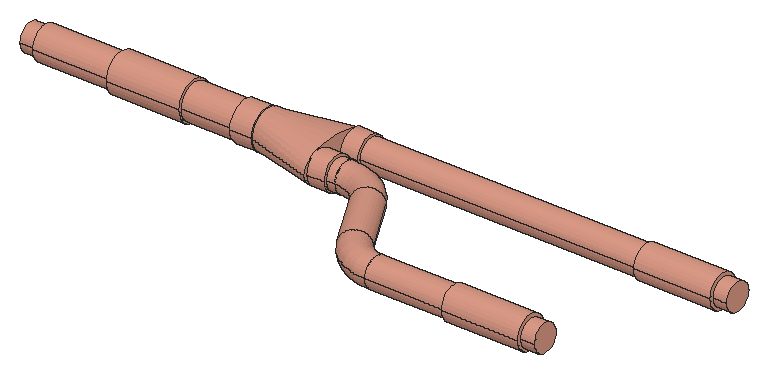
Revit family "outputfile", category 配管付属品, Revit 2024
Family settings
  丸型コネクタ寸法 = 半径を使用
  パーツ タイプ = 標準
  OmniClass 番号 = 23.65.55.00
  OmniClass タイトル = Distribution of Supplied Liquids/Gases
  作業面ベース = いいえ
  常に垂直 = はい
  ロード時にボイドで切り取り = いいえ
  共有 = いいえ
Parameters (values of type "KHRP25A22T")
  Description = ""
  製造元 = "Daikin"
  書き出し IFC クラス(タイプ) = "IfcPipeFittingType"
  定義済み IFC タイプ(タイプ) = "JUNCTION"
  Cost = 0
  Type Comments = ""
  Keynote = ""
  Type Image = (empty or 0)
  Assembly Code = ""
  mm⇔inch [instance] = yes
  l_dividePipe1 [instance] = size_lookup(table_StraightPipe, "l_dividePipe1", 10.0 mm, モデル)  # 10.0 mm
  Default Elevation = 0.0 mm
  モデル = "KHRP25A22T"
  table_StraightPipe [instance] = if(mm⇔inch, "Refnet Joint_KHRP25A-T_Gas_StraightPipe", "Refnet Joint_KHRP25A-T_Gas_StraightPipe_inch")  # "Refnet Joint_KHRP25A-T_Gas_StraightPipe"
  table_BranchPipe [instance] = if(mm⇔inch, "Refnet Joint_KHRP25A-T_Gas_BranchPipe", "Refnet Joint_KHRP25A-T_Gas_BranchPipe_inch")  # "Refnet Joint_KHRP25A-T_Gas_BranchPipe"
  table_Inlet [instance] = if(mm⇔inch, "Refnet Joint_KHRP25A-T_Gas_Inlet", "Refnet Joint_KHRP25A-T_Gas_Inlet_inch")  # "Refnet Joint_KHRP25A-T_Gas_Inlet"
  switch_StraightPipe_Reducer [instance] = if(Is_StraightPipe Reducer = 1, 1 = 1, 1 = 0)  # no
  switch_StraightPipe3 [instance] = if(number_StraightPipe = 3, 1 = 1, 1 = 0)  # no
  switch_StraightPipe2 [instance] = if(number_StraightPipe < 2, 1 = 0, 1 = 1)  # yes
  switch_BranchPipe_Reducer [instance] = if(Is_BranchPipe Reducer = 1, 1 = 1, 1 = 0)  # no
  switch_BranchPipe3 [instance] = if(number_BranchPipe = 3, 1 = 1, 1 = 0)  # no
  switch_BranchPipe2 [instance] = if(number_BranchPipe < 2, 1 = 0, 1 = 1)  # yes
  switch_Inlet pipe_Reducer [instance] = if(Is_Inlet Reducer = 1, 1 = 1, 1 = 0)  # no
  switch_Inlet pipe3 [instance] = if(number_InletPipe = 3, 1 = 1, 1 = 0)  # yes
  switch_Inlet pipe2 [instance] = if(number_InletPipe < 2, 1 = 0, 1 = 1)  # yes
  Uniclass2015Version = "Products v1.31"
  Uniclass2015Title = "Copper pipe fittings"
  Uniclass2015Code = "Pr_65_52_63_18"
  URL = ""
  StraightPipe_Gas_ActualDiameter [instance] = 12.7 mm
  Material_Piping = DAIKIN_Copper_Pipe
  Material_Insulation = DAIKIN_White_Insulation
  lw_Insulation [instance] = size_lookup(table_Inlet, "lw_Insulation", 57.8 mm, モデル)  # 57.8 mm
  Unit Type = "KHRP25A-T_Gas"
  Tag No. [instance] = ""
  StraightPipe_Gas_Status [instance] = size_lookup(table_StraightPipe, "Information", "The connected pipe size is not available.", モデル, StraightPipe_Gas_ActualDiameter)  # "Default connector size is used."
  Link_Nested Family [instance] = ""
  Inlet_Gas_Actual Diameter [instance] = 12.7 mm
  IfcVersion = ""
  IfcExportType = "JUNCTION"
  IfcExportAs = "IfcPipeFittingType"
  BranchPipe_Gas_Status [instance] = size_lookup(table_BranchPipe, "Information", "The connected pipe size is not available.", モデル, BranchPipe_Gas_ActualDiameter)  # "Default connector size is used."
  Inlet_Gas_Status [instance] = size_lookup(table_Inlet, "Information", "The connected pipe size is not available.", モデル, Inlet_Gas_Actual Diameter)  # "Default connector size is used."
  Series = "Refnet Joint"
  O.R_dividePipe_Inlet [instance] = (I.D_InletPipe1 + 2.0 mm) / 2  # 10.55 mm
  r_StraightPipe_Connector [instance] = StraightPipe_Gas_ActualDiameter / 2  # 6.35 mm
  r_BranchPipe_Connector [instance] = BranchPipe_Gas_ActualDiameter / 2  # 6.35 mm
  r_Inlet_Connector [instance] = Inlet_Gas_Actual Diameter / 2  # 6.35 mm
  number_StraightPipe [instance] = size_lookup(table_StraightPipe, "pipeNumber", 2, モデル, StraightPipe_Gas_ActualDiameter)  # 2
  number_BranchPipe [instance] = size_lookup(table_BranchPipe, "pipeNumber", 2, モデル, BranchPipe_Gas_ActualDiameter)  # 2
  number_InletPipe [instance] = size_lookup(table_Inlet, "pipeNumber", 3, モデル, Inlet_Gas_Actual Diameter)  # 3
  r_BranchPipeR [instance] = size_lookup(table_BranchPipe, "r_offsetPipeR", 25.0 mm, モデル, BranchPipe_Gas_ActualDiameter)  # 25.0 mm
  l_BranchPipe_Straight2 [instance] = size_lookup(table_BranchPipe, "L_offsetPipe2", 43.0 mm, モデル)  # 43.0 mm
  l_BranchPipe_Straight1 [instance] = size_lookup(table_BranchPipe, "L_offsetPipe1", 5.0 mm, モデル)  # 5.0 mm
  l_BranchPipe connector [instance] = size_lookup(table_BranchPipe, "Length", 170.0 mm, モデル, BranchPipe_Gas_ActualDiameter)  # 170.0 mm
  l_inlet connector [instance] = size_lookup(table_Inlet, "Length", 130.0 mm, モデル, Inlet_Gas_Actual Diameter)  # 130.0 mm
  l_dividePipe [instance] = size_lookup(table_Inlet, "L_devidePipe", 38.0 mm, モデル)  # 38.0 mm
  l_StraightPipeReducer [instance] = size_lookup(table_StraightPipe, "L_Reducer", 80.0 mm, モデル, StraightPipe_Gas_ActualDiameter)  # 80.0 mm
  l_StraightPipe3 [instance] = size_lookup(table_StraightPipe, "L_Pipe3", 2.0 mm, モデル)  # 2.0 mm
  l_StraightPipe2 [instance] = size_lookup(table_StraightPipe, "L_Pipe2", 8.0 mm, モデル)  # 8.0 mm
  l_StraightPipe1 [instance] = size_lookup(table_StraightPipe, "L_Pipe1", 42.0 mm, モデル)  # 42.0 mm
  l_StraightPipe0 [instance] = size_lookup(table_StraightPipe, "L_Pipe0", 152.0 mm, モデル)  # 152.0 mm
  l_StraightPipe connector [instance] = size_lookup(table_StraightPipe, "Length", 212.0 mm, モデル, StraightPipe_Gas_ActualDiameter)  # 212.0 mm
  l_BranchPipe Reducer [instance] = size_lookup(table_BranchPipe, "L_Reducer", 80.0 mm, モデル, BranchPipe_Gas_ActualDiameter)  # 80.0 mm
  l_BranchPipe3 [instance] = size_lookup(table_BranchPipe, "L_Pipe3", 2.0 mm, モデル)  # 2.0 mm
  l_BranchPipe2 [instance] = size_lookup(table_BranchPipe, "L_Pipe2", 8.0 mm, モデル)  # 8.0 mm
  l_BranchPipe1 [instance] = size_lookup(table_BranchPipe, "L_Pipe1", 42.0 mm, モデル)  # 42.0 mm
  l_BranchPipe0 [instance] = size_lookup(table_BranchPipe, "L_Pipe0", 110.0 mm, モデル)  # 110.0 mm
  l_InletReducer [instance] = size_lookup(table_Inlet, "L_Reducer", 100.0 mm, モデル, Inlet_Gas_Actual Diameter)  # 100.0 mm
  l_InletPipe3 [instance] = size_lookup(table_Inlet, "L_Pipe3", 8.0 mm, モデル)  # 8.0 mm
  l_InletPipe2 [instance] = size_lookup(table_Inlet, "L_Pipe2", 42.0 mm, モデル)  # 42.0 mm
  l_InletPipe1 [instance] = size_lookup(table_Inlet, "L_Pipe1", 40.0 mm, モデル)  # 40.0 mm
  l_InletPipe0 [instance] = size_lookup(table_Inlet, "L_Pipe0", 28.0 mm, モデル)  # 28.0 mm
  center_StraightPipe [instance] = size_lookup(table_StraightPipe, "center_Pipe", 11.5 mm, モデル)  # 11.5 mm
  center_BranchPipe2 [instance] = size_lookup(table_BranchPipe, "center_OffsetPipe", 68.5 mm, モデル)  # 68.5 mm
  center_BranchPipe1 [instance] = size_lookup(table_BranchPipe, "center_Pipe", 11.5 mm, モデル)  # 11.5 mm
  StraightPipe_Gas_AvailableDiameter [instance] = size_lookup(table_StraightPipe, "sizeVariation", "", モデル)  # "12.7/15.9/19.1mm"
  BranchPipe_Gas_AvailableDiameter [instance] = size_lookup(table_BranchPipe, "sizeVariation", "", モデル)  # "12.7/15.9mm"
  Inlet_Gas_Available Diameter [instance] = size_lookup(table_Inlet, "sizeVariation", "", モデル)  # "12.7/15.9/19.1mm"
  O.D_StraightPipe Reducer [instance] = size_lookup(table_StraightPipe, "O.D_reducer", 2.0 mm, モデル, StraightPipe_Gas_ActualDiameter)  # 2.0 mm
  O.D_Offset Outlet Reducer [instance] = size_lookup(table_BranchPipe, "O.D_reducer", 2.0 mm, モデル, BranchPipe_Gas_ActualDiameter)  # 2.0 mm
  O.D_Inlet Reducer [instance] = size_lookup(table_Inlet, "O.D_reducer", 2.0 mm, モデル, Inlet_Gas_Actual Diameter)  # 2.0 mm
  Is_StraightPipe Reducer [instance] = size_lookup(table_StraightPipe, "IsReducer", 0, モデル, StraightPipe_Gas_ActualDiameter)  # 0
  Is_BranchPipe Reducer [instance] = size_lookup(table_BranchPipe, "IsReducer", 0, モデル, BranchPipe_Gas_ActualDiameter)  # 0
  Is_Inlet Reducer [instance] = size_lookup(table_Inlet, "IsReducer", 0, モデル, Inlet_Gas_Actual Diameter)  # 0
  BranchPipe_Gas_ActualDiameter [instance] = 12.7 mm
  Attach_Insulation [instance] = no
  I.D_StraightPipe3 [instance] = size_lookup(table_StraightPipe, "I.D_PipeSize3", 2.0 mm, モデル)  # 2.0 mm
  I.D_StraightPipe2 [instance] = size_lookup(table_StraightPipe, "I.D_PipeSize2", 12.7 mm, モデル)  # 12.7 mm
  I.D_StraightPipe1 [instance] = size_lookup(table_StraightPipe, "I.D_PipeSize1", 15.9 mm, モデル)  # 15.9 mm
  I.D_StraightPipe0 [instance] = size_lookup(table_StraightPipe, "I.D_PipeSize0", 13.9 mm, モデル)  # 13.9 mm
  I.D_BranchPipe3 [instance] = size_lookup(table_BranchPipe, "I.D_PipeSize3", 2.0 mm, モデル)  # 2.0 mm
  I.D_BranchPipe2 [instance] = size_lookup(table_BranchPipe, "I.D_PipeSize2", 12.7 mm, モデル)  # 12.7 mm
  I.D_BranchPipe1 [instance] = size_lookup(table_BranchPipe, "I.D_PipeSize1", 15.9 mm, モデル)  # 15.9 mm
  I.D_BranchPipe0 [instance] = size_lookup(table_BranchPipe, "I.D_PipeSize0", 13.9 mm, モデル)  # 13.9 mm
  I.D_Straight Reducer [instance] = size_lookup(table_StraightPipe, "I.D_reducer", 2.0 mm, モデル, StraightPipe_Gas_ActualDiameter)  # 2.0 mm
  I.D_OutletPipe [instance] = size_lookup(table_Inlet, "I.D_OutletPipeSize", 16.0 mm, モデル, Inlet_Gas_Actual Diameter)  # 16.0 mm
  I.D_Branch Reducer [instance] = size_lookup(table_BranchPipe, "I.D_reducer", 2.0 mm, モデル, BranchPipe_Gas_ActualDiameter)  # 2.0 mm
  I.D_Inlet Reducer [instance] = size_lookup(table_Inlet, "I.D_reducer", 2.0 mm, モデル, Inlet_Gas_Actual Diameter)  # 2.0 mm
  I.D_InletPipe3 [instance] = size_lookup(table_Inlet, "I.D_PipeSize3", 12.7 mm, モデル)  # 12.7 mm
  I.D_InletPipe2 [instance] = size_lookup(table_Inlet, "I.D_PipeSize2", 15.9 mm, モデル)  # 15.9 mm
  I.D_InletPipe1 [instance] = size_lookup(table_Inlet, "I.D_PipeSize1", 19.1 mm, モデル)  # 19.1 mm
  I.D_InletPipe0 [instance] = size_lookup(table_Inlet, "I.D_PipeSize0", 17.1 mm, モデル)  # 17.1 mm
Reference planes
  plane 1 "Center (Front/Back)": y = 0
  plane 2: z = 0
  plane 3 "base_left": x = 0
  plane 4: x = 8
  plane 5: x = 50
  plane 6: x = 90
  plane 7: x = 118
  plane 8: x = 130
  plane 9: x = 168
  plane 10: x = 178
  plane 11 "center_straight outlet": y = 11.5
  plane 12 "center2_offset outlet": y = -68.5
  plane 13 "center1_offset outlet": y = -11.5
  plane 14: x = 330
  plane 15: x = 372
  plane 16: x = 380
  plane 17: x = 288
  plane 18: x = 330
  plane 19: x = 338
  plane 20: x = 382
  plane 21: x = 340
  plane 22 "Reducer_straightoutlet": x = 338
  plane 23: x = 380
  plane 24: y = -22.05
  plane 25: z = 10.55
  plane 26 "Inlet_connector": x = 0
  plane 27 "Left_Insulation": x = 72.2
Forms (mm)
  SweptBlend 1, solid, material "DAIKIN_Copper_Pipe" <- "Material_Piping"
    path origin (0, 0, 0) x (1, 0, 0) y (0, 1, 0)
      loop
        line (130, 0) -> (168, 0)
    profile origin (130, 0, 0) x (0, 1, 0) y (0, 0, 1)
      loop
        circle (0, 0) r 10.55
    end profile origin (168, 0, 0) x (0, 1, 0) y (0, 0, 1)
      loop
        spline (-22.05, 0) -> (-21.299, -2.731) -> (-19.096, -5.275) -> (-15.592, -7.46) -> (-11.025, -9.137) -> (-5.707, -10.191) -> (0, -10.55) -> (5.707, -10.191) -> (11.025, -9.137) -> (15.592, -7.46) -> (19.096, -5.275) -> (21.299, -2.731) -> (22.05, 0)
        spline (22.05, 0) -> (21.299, 2.731) -> (19.096, 5.275) -> (15.592, 7.46) -> (11.025, 9.137) -> (5.707, 10.191) -> (0, 10.55) -> (-5.707, 10.191) -> (-11.025, 9.137) -> (-15.592, 7.46) -> (-19.096, 5.275) -> (-21.299, 2.731) -> (-22.05, 0)
Dimensions and locks
  "l_InletPipe3": plane 3 "base_left" to plane 4
  "l_InletPipe2": plane 4 to plane 5
  "l_InletPipe1": plane 5 to plane 6
  "l_InletPipe0": plane 6 to plane 7
  locked: plane 7 to plane 8 at 12
  "center_StraightPipe": plane 1 "Center (Front/Back)" to plane 11 "center_straight outlet"
  "center_BranchPipe2": plane 12 "center2_offset outlet" to plane 1 "Center (Front/Back)"
  "center_BranchPipe1": plane 13 "center1_offset outlet" to plane 1 "Center (Front/Back)"
  "l_dividePipe": plane 8 to plane 9
  "l_dividePipe1": plane 9 to plane 10
  "l_StraightPipe0": plane 10 to plane 14
  "l_BranchPipe0": plane 10 to plane 17
  "l_BranchPipe1": plane 17 to plane 18
  "l_BranchPipe2": plane 18 to plane 19
  "l_StraightPipe1": plane 14 to plane 15
  "l_StraightPipe2": plane 15 to plane 16
  "l_StraightPipe3": plane 16 to plane 20
  "l_BranchPipe3": plane 19 to plane 21
  "l_BranchPipe connector": plane 9 to plane 22 "Reducer_straightoutlet"
  "l_StraightPipe connector": plane 9 to plane 23
  "O.R_dividePipe_Inlet": plane 24 to plane 13 "center1_offset outlet"
  "O.R_dividePipe_Inlet": plane 25 to plane 2
  "l_inlet connector": plane 26 "Inlet_connector" to plane 8
  "lw_Insulation": plane 27 "Left_Insulation" to plane 8
  "O.R_dividePipe_Inlet": radius of SweptBlend 1 sketch curve
  aligned and locked: level to plane 2
  aligned and locked: plane 2 to nested 1
  aligned and locked: plane 3 "base_left" to nested 1
  aligned and locked: plane 1 "Center (Front/Back)" to nested 1
  aligned and locked: plane 4 to nested 2
  aligned and locked: plane 1 "Center (Front/Back)" to nested 2
  aligned and locked: plane 5 to nested 2
  aligned and locked: plane 5 to nested 3
  aligned and locked: plane 6 to nested 3
  aligned and locked: plane 6 to nested 4
  aligned and locked: nested 4 to plane 7
  aligned and locked: nested 5 to plane 7
  aligned and locked: nested 5 to plane 8
  aligned and locked: plane 8 to SweptBlend 1 sketch curve
  aligned and locked: plane 9 to SweptBlend 1 sketch curve
  aligned and locked: plane 2 to SweptBlend 1 sketch curve  (x2)
  aligned and locked: plane 1 "Center (Front/Back)" to SweptBlend 1 sketch curve  (x2)
  aligned and locked: nested 6 to plane 9
  aligned and locked: nested 7 to plane 9
  aligned and locked: nested 6 to plane 11 "center_straight outlet"
  aligned and locked: nested 7 to plane 13 "center1_offset outlet"
  aligned and locked: nested 7 to plane 10
  aligned and locked: nested 6 to plane 10
  aligned and locked: nested 8 to plane 10
  aligned and locked: plane 14 to nested 8
  aligned and locked: nested 8 to plane 11 "center_straight outlet"
  aligned and locked: plane 14 to nested 9
  aligned and locked: nested 9 to plane 11 "center_straight outlet"
  aligned and locked: plane 15 to nested 9
  aligned and locked: nested 10 to plane 11 "center_straight outlet"
  aligned and locked: plane 15 to nested 10
  aligned and locked: plane 16 to nested 10
  aligned and locked: nested 11 to plane 12 "center2_offset outlet"
  aligned and locked: plane 17 to nested 11
  aligned and locked: plane 18 to nested 11
  aligned and locked: nested 12 to plane 12 "center2_offset outlet"
  aligned and locked: plane 18 to nested 12
  aligned and locked: plane 19 to nested 12
  aligned and locked: nested 13 to plane 10
  aligned and locked: nested 13 to plane 13 "center1_offset outlet"
  aligned and locked: nested 13 to plane 12 "center2_offset outlet"
  aligned and locked: plane 8 to nested 14
  aligned and locked: plane 1 "Center (Front/Back)" to nested 14
  aligned and locked: plane 11 "center_straight outlet" to nested 15
  aligned and locked: nested 15 to plane 9
  aligned and locked: nested 16 to plane 9
  aligned and locked: plane 12 "center2_offset outlet" to nested 16
  aligned and locked: nested 17 to plane 1 "Center (Front/Back)"
  aligned and locked: plane 16 to nested 18
  aligned and locked: plane 20 to nested 18
  aligned and locked: plane 19 to nested 19
  aligned and locked: plane 21 to nested 19
  aligned and locked: nested 20 to plane 12 "center2_offset outlet"
  aligned and locked: plane 23 to nested 21
  aligned and locked: nested 21 to plane 11 "center_straight outlet"
  aligned and locked: plane 4 to nested 1
  aligned and locked: plane 24 to SweptBlend 1 sketch curve
  aligned and locked: plane 25 to SweptBlend 1 sketch curve
  aligned and locked: nested 19 to plane 12 "center2_offset outlet"
  aligned and locked: nested 18 to plane 11 "center_straight outlet"
  aligned and locked: nested 17 to plane 26 "Inlet_connector"
  aligned and locked: plane 22 "Reducer_straightoutlet" to nested 20
  aligned and locked: plane 27 "Left_Insulation" to nested 22
  aligned and locked: plane 1 "Center (Front/Back)" to nested 22
Automatic sketch dimensions
  plane 1 "Center (Front/Back)" to SweptBlend 1 sketch curve = 0.0 mm
Nested families
  nested 1: "daikin_Pipe" at (4, 0, 0), I.D_Pipe <- "I.D_InletPipe3", display <- "switch_Inlet pipe3", type "*"
    with length_Pipe 8.0 mm, display yes, O.D_Pipe 14.7 mm, I.D_Pipe 12.7 mm
  nested 2: "daikin_Pipe" at (29, 0, 0), I.D_Pipe <- "I.D_InletPipe2", display <- "switch_Inlet pipe2", type "*"
    with length_Pipe 42.0 mm, display yes, O.D_Pipe 17.9 mm, I.D_Pipe 15.9 mm
  nested 3: "daikin_Pipe" at (70, 0, 0), I.D_Pipe <- "I.D_InletPipe1", type "*"
    with length_Pipe 40.0 mm, display yes, O.D_Pipe 21.1 mm, I.D_Pipe 19.1 mm
  nested 4: "daikin_Pipe" at (104, 0, 0), I.D_Pipe <- "I.D_InletPipe0", type "*"
    with length_Pipe 28.0 mm, display yes, O.D_Pipe 19.1 mm, I.D_Pipe 17.1 mm
  nested 5: "daikin_Pipe" at (124, 0, 0), I.D_Pipe <- "I.D_InletPipe1", type "*"
    with length_Pipe 12.0 mm, display yes, O.D_Pipe 21.1 mm, I.D_Pipe 19.1 mm
  nested 6: "daikin_Pipe" at (173, 11.5, 0), I.D_Pipe <- "I.D_OutletPipe", type "*"
    with length_Pipe 10.0 mm, display yes, O.D_Pipe 18.0 mm, I.D_Pipe 16.0 mm
  nested 7: "daikin_Pipe" at (173, -11.5, 0), I.D_Pipe <- "I.D_OutletPipe", type "*"
    with length_Pipe 10.0 mm, display yes, O.D_Pipe 18.0 mm, I.D_Pipe 16.0 mm
  nested 8: "daikin_Pipe" at (254, 11.5, 0), I.D_Pipe <- "I.D_StraightPipe0", type "*"
    with length_Pipe 152.0 mm, display yes, O.D_Pipe 15.9 mm, I.D_Pipe 13.9 mm
  nested 9: "daikin_Pipe" at (351, 11.5, 0), I.D_Pipe <- "I.D_StraightPipe1", type "*"
    with length_Pipe 42.0 mm, display yes, O.D_Pipe 17.9 mm, I.D_Pipe 15.9 mm
  nested 10: "daikin_Pipe" at (376, 11.5, 0), I.D_Pipe <- "I.D_StraightPipe2", display <- "switch_StraightPipe2", type "*"
    with length_Pipe 8.0 mm, display yes, O.D_Pipe 14.7 mm, I.D_Pipe 12.7 mm
  nested 11: "daikin_Pipe" at (309, -68.5, 0), I.D_Pipe <- "I.D_BranchPipe1", type "*"
    with length_Pipe 42.0 mm, display yes, O.D_Pipe 17.9 mm, I.D_Pipe 15.9 mm
  nested 12: "daikin_Pipe" at (334, -68.5, 0), I.D_Pipe <- "I.D_BranchPipe2", display <- "switch_BranchPipe2", type "*"
    with length_Pipe 8.0 mm, display yes, O.D_Pipe 14.7 mm, I.D_Pipe 12.7 mm
  nested 13: "daikin_Pipe Ofsset" at (178, -11.5, 0), I.D_Pipe size <- "I.D_BranchPipe0", length_straight pipe1 <- "l_BranchPipe_Straight1", length_straight pipe2 <- "l_BranchPipe_Straight2", r_Pipe R <- "r_BranchPipeR", length_Pipe <- "l_BranchPipe0", type "*"
    with r_Pipe R 25.0 mm, length_straight pipe2 43.0 mm, length_straight pipe1 5.0 mm, length_offset center 57.0 mm, length_Pipe 110.0 mm, O.D_Pipe size 15.9 mm, I.D_Pipe size 13.9 mm
  nested 14: "daikin_connector_rotate2" at (130, 0, 0) x (0, -1, 0) z (0, 0, 1), length <- "l_inlet connector", type "daikin_connector_rotate2"
    with radius 5.0 mm, length 130.0 mm, angle_vertical 90.00°, locaton_mark no
  nested 15: "daikin_connector_rotate2" at (168, 11.5, 0) x (0, 1, 0) z (0, 0, 1), length <- "l_StraightPipe connector", type "daikin_connector_rotate2"
    with radius 5.0 mm, length 212.0 mm, angle_vertical 90.00°, locaton_mark no
  nested 16: "daikin_connector_rotate2" at (168, -68.5, 0) x (0, 1, 0) z (0, 0, 1), length <- "l_BranchPipe connector", type "daikin_connector_rotate2"
    with radius 5.0 mm, length 170.0 mm, angle_vertical 90.00°, locaton_mark no
  nested 17: "daikin_Pipe_reducer" at (50, 0, 0) x (-1, 0, 0) z (0, 0, 1), display <- "switch_Inlet pipe_Reducer", length_Pipe <- "l_InletReducer", I.D_Pipe1 <- "I.D_Inlet Reducer", O.D_Pipe2 <- "O.D_Inlet Reducer", type "*"
    with length_Pipe 100.0 mm, display no, O.D_Pipe2 2.0 mm, O.D_Pipe1 4.0 mm, I.D_Pipe2 0.0 mm, I.D_Pipe1 2.0 mm
  nested 18: "daikin_Pipe" at (381, 11.5, 0), I.D_Pipe <- "I.D_StraightPipe3", display <- "switch_StraightPipe3", type "*"
    with length_Pipe 2.0 mm, display no, O.D_Pipe 4.0 mm, I.D_Pipe 2.0 mm
  nested 19: "daikin_Pipe" at (339, -68.5, 0), I.D_Pipe <- "I.D_BranchPipe3", display <- "switch_BranchPipe3", type "*"
    with length_Pipe 2.0 mm, display no, O.D_Pipe 4.0 mm, I.D_Pipe 2.0 mm
  nested 20: "daikin_Pipe_reducer" at (298, -68.5, 0), I.D_Pipe1 <- "I.D_Branch Reducer", O.D_Pipe2 <- "O.D_Offset Outlet Reducer", length_Pipe <- "l_BranchPipe Reducer", display <- "switch_BranchPipe_Reducer", type "*"
    with length_Pipe 80.0 mm, display no, O.D_Pipe2 2.0 mm, O.D_Pipe1 4.0 mm, I.D_Pipe2 0.0 mm, I.D_Pipe1 2.0 mm
  nested 21: "daikin_Pipe_reducer" at (340, 11.5, 0), I.D_Pipe1 <- "I.D_Straight Reducer", O.D_Pipe2 <- "O.D_StraightPipe Reducer", length_Pipe <- "l_StraightPipeReducer", display <- "switch_StraightPipe_Reducer", type "*"
    with length_Pipe 80.0 mm, display no, O.D_Pipe2 2.0 mm, O.D_Pipe1 4.0 mm, I.D_Pipe2 0.0 mm, I.D_Pipe1 2.0 mm
  nested 22: "daikin_Insulation_RefnetJoint" at (72.2, 0, 0), I.D_Outlet PipeSize <- "I.D_OutletPipe", type "*"
    with h 48.0 mm, I.D_Outlet PipeSize 16.0 mm, display no
Connectors
  piping at (0, 0, 0), diameter 12.7, driven by "r_Inlet_Connector"
    settings: on nested 14, index 1, connector inside diameter 609.6 mm, connector length 0.0 mm, flow factor 0, pipe flow 0.00 m³/h, pressure drop 0.0 Pa, fitting loss kfactor 0, connector angle 0.00°, fixture units 0, engagement length 0.0 mm, angle of deflection 0.00°, flow configuration 0, flow direction 2, fitting loss method 0, system type 29, joint type 0, gender type 0, connector reference index -1, connector utility 0, adjustable connector no, is connector primary yes, connector description "Refnet Joint_Inlet_Gas"
  piping at (338, -68.5, 0), diameter 12.7, driven by "r_BranchPipe_Connector"
    settings: on nested 16, index 2, connector inside diameter 609.6 mm, connector length 0.0 mm, flow factor 0, pipe flow 0.00 m³/h, pressure drop 0.0 Pa, fitting loss kfactor 0, connector angle 0.00°, fixture units 0, engagement length 0.0 mm, angle of deflection 0.00°, flow configuration 0, flow direction 1, fitting loss method 0, system type 29, joint type 0, gender type 0, connector reference index -1, connector utility 0, adjustable connector no, is connector primary no, connector description "Refnet Joint_Outlet Branch_Gas"
  piping at (380, 11.5, 0), diameter 12.7, driven by "r_StraightPipe_Connector"
    settings: on nested 15, index 3, connector inside diameter 609.6 mm, connector length 0.0 mm, flow factor 0, pipe flow 0.00 m³/h, pressure drop 0.0 Pa, fitting loss kfactor 0, connector angle 0.00°, fixture units 0, engagement length 0.0 mm, angle of deflection 0.00°, flow configuration 0, flow direction 1, fitting loss method 0, system type 29, joint type 0, gender type 0, connector reference index -1, connector utility 0, adjustable connector no, is connector primary no, connector description "Refnet Joint_Outlet Straight_Gas"
Definition of nested family "daikin_Pipe"
  Parameters (values of type "*")
    Default Elevation = 0.0 mm
    material = none
    length_Pipe [instance] = 150.0 mm
    display [instance] = yes
    O.D_Pipe [instance] = I.D_Pipe + 2.0 mm  # 27.0 mm
    I.D_Pipe [instance] = 25.0 mm
  Reference planes
    plane 1 "Center (Front/Back)": y = 0
    plane 2 "center(vertical)": z = 0
    plane 3 "Center (Left/Right)": x = 0
    plane 4 "left": x = -75
    plane 5 "right": x = 75
  Forms (mm)
    Extrusion 1, solid, material <- "material", visible <- "display"
      sketch origin (0, 0, 0) x (0, 1, 0) y (0, 0, 1)
        loop
          circle (0, 0) r 13.5
      from -75 to 75
  Dimensions and locks
    equal spacing: plane 4 "left", plane 3 "Center (Left/Right)", plane 5 "right"
    "length_Pipe": plane 4 "left" to plane 5 "right"
    "O.D_Pipe": diameter of Extrusion 1 sketch curve
    aligned and locked: level to plane 2 "center(vertical)"
    aligned and locked: plane 2 "center(vertical)" to Extrusion 1 sketch curve
    aligned and locked: plane 1 "Center (Front/Back)" to Extrusion 1 sketch curve
    aligned and locked: plane 5 "right" to Extrusion 1
    aligned and locked: Extrusion 1 to plane 4 "left"
Definition of nested family "daikin_Pipe Ofsset"
  Parameters (values of type "*")
    Default Elevation = 0.0 mm
    r_Pipe R [instance] = 40.0 mm
    material = none
    length_straight pipe2 [instance] = 43.0 mm
    length_straight pipe1 [instance] = 5.0 mm
    length_offset center [instance] = 57.0 mm
    length_Pipe [instance] = 110.0 mm
    O.D_Pipe size [instance] = I.D_Pipe size + 2.0 mm  # 12.0 mm
    I.D_Pipe size [instance] = 10.0 mm
  Reference planes
    plane 1 "Center (Front/Back)": y = 0
    plane 2: z = 0
    plane 3 "Center (Left/Right)": x = 0
    plane 4: y = -57
    plane 5: x = 110
    plane 6: x = 67
    plane 7: x = 5
  Forms (mm)
    Sweep 1, solid, material <- "material"
      path origin (0, 0, 0) x (1, 0, 0) y (0, 1, 0)
        loop
          line (0, 0) -> (5, 0)
          arc (5, 0) -> (20.74, -3.227) -> (33.94, -12.387) r 40
          line (33.94, -12.387) -> (38.06, -44.613)
          arc (38.06, -44.613) -> (51.26, -53.773) -> (67, -57) r 40
          line (67, -57) -> (110, -57)
      profile origin (2.5, 0, 0) x (0, 1, 0) y (0, 0, 1)
        loop
          circle (0, 0) r 6
  Dimensions and locks
    "length_offset center": plane 4 to plane 1 "Center (Front/Back)"
    "length_straight pipe1": plane 3 "Center (Left/Right)" to plane 7
    "length_Pipe": plane 3 "Center (Left/Right)" to plane 5
    "length_straight pipe2": plane 6 to plane 5
    "O.D_Pipe size": diameter of Sweep 1 sketch curve
    "r_Pipe R": radius of Sweep 1 sketch curve  (x2)
    aligned and locked: level to plane 2
    aligned and locked: plane 1 "Center (Front/Back)" to Sweep 1 sketch curve
    aligned and locked: profile plane to Sweep 1 sketch curve
    aligned and locked: plane 5 to Sweep 1 sketch curve
    aligned and locked: plane 7 to Sweep 1 sketch curve
    aligned and locked: plane 6 to Sweep 1 sketch curve
  Automatic sketch dimensions
    plane 1 "Center (Front/Back)" to Sweep 1 sketch curve = 0.0 mm
    Sweep 1 sketch curve to plane 3 "Center (Left/Right)" = 0.0 mm
    plane 4 to Sweep 1 sketch curve = 0.0 mm
    plane 1 "Center (Front/Back)" to Sweep 1 sketch curve = 12.387 mm
    Sweep 1 sketch curve to plane 4 = 12.387 mm
Definition of nested family "daikin_connector_rotate2"
  Parameters (values of type "daikin_connector_rotate2")
    show_face = no
    radius [instance] = 10.0 mm
    locaton_mark = yes
    length [instance] = 600.0 mm
    d_surface = 10.0 mm
    angle_vertical [instance] = 90.00°
    Default Elevation = 0.0 mm
  Reference planes
    plane 1 "Center (Front/Back)": y = 0
    plane 2: z = 0
    plane 3 "Center (Left/Right)": x = 0
  Forms (mm)
    Extrusion 1, solid, visible <- "show_face"
      sketch origin (0, -600, 0) x (1, 0, 0) y (0, 0, 1)
        loop
          circle (0, 0) r 10
      from 0 to -10
  Lines and regions (mm)
    reference lines
      curve 1: line (0, 0, 0) -> (0, -600, 0)
    symbolic lines, visible <- "locaton_mark"
      curve 2: circle (0, 0, 0) r 5 normal (0, 0, 1)
    model lines, visible <- "show_face"
      curve 3: line (0, 0, 0) -> (0, -600, 0)
  Dimensions and locks
    "length": curve 1 to curve 1
    "length": curve 3 to curve 3
    "d_surface": Extrusion 1 to Extrusion 1
    "radius": radius of Extrusion 1 sketch curve
    "angle_vertical": angle curve 1 to plane 1 "Center (Front/Back)"
    "angle_vertical": angle curve 3 to plane 1 "Center (Front/Back)"
    aligned and locked: level to plane 2
    aligned and locked: plane 1 "Center (Front/Back)" to curve 1
    aligned and locked: plane 2 to curve 1
    aligned and locked: plane 1 "Center (Front/Back)" to curve 2
    aligned and locked: plane 3 "Center (Left/Right)" to curve 2
    aligned and locked: plane 1 "Center (Front/Back)" to curve 3
    aligned and locked: plane 2 to curve 3
    aligned and locked: Extrusion 1 to Extrusion 1
  Automatic sketch dimensions
    Extrusion 1 sketch curve to level = 0.0 mm
    Extrusion 1 sketch curve to plane 3 "Center (Left/Right)" = 0.0 mm
    radius of curve 2 = 5.0 mm
Definition of nested family "daikin_Pipe_reducer"
  Parameters (values of type "*")
    Default Elevation = 0.0 mm
    material = none
    length_Pipe [instance] = 250.0 mm
    display [instance] = yes
    O.D_Pipe2 [instance] = 19.1 mm
    O.D_Pipe1 [instance] = I.D_Pipe1 + 2.0 mm  # 24.2 mm
    I.D_Pipe2 [instance] = O.D_Pipe2 - 2.0 mm  # 17.1 mm
    I.D_Pipe1 [instance] = 22.2 mm
  Reference planes
    plane 1 "Center (Front/Back)": y = 0
    plane 2 "center(vertical)": z = 0
    plane 3 "Center (Left/Right)": x = 0
    plane 4 "connection": x = -125
    plane 5 "right": x = 113
    plane 6: x = 125
  Forms (mm)
    Extrusion 1, solid, material <- "material", visible <- "display"
      sketch origin (0, 0, 0) x (0, 1, 0) y (0, 0, 1)
        loop
          circle (0, 0) r 9.55
      from -125 to 113
    Extrusion 2, solid, material <- "material", visible <- "display"
      sketch origin (0, 0, 0) x (0, 1, 0) y (0, 0, 1)
        loop
          circle (0, 0) r 12.1
      from 113 to 125
  Dimensions and locks
    locked: plane 5 "right" to plane 6 at 12
    "length_Pipe": plane 4 "connection" to plane 6
    equal spacing: plane 4 "connection", plane 3 "Center (Left/Right)", plane 6
    "O.D_Pipe2": diameter of Extrusion 1 sketch curve
    "O.D_Pipe1": diameter of Extrusion 2 sketch curve
    aligned and locked: level to plane 2 "center(vertical)"
    aligned and locked: plane 2 "center(vertical)" to Extrusion 1 sketch curve
    aligned and locked: plane 1 "Center (Front/Back)" to Extrusion 1 sketch curve
    aligned and locked: plane 5 "right" to Extrusion 1
    aligned and locked: Extrusion 1 to plane 4 "connection"
    aligned and locked: plane 2 "center(vertical)" to Extrusion 2 sketch curve
    aligned and locked: plane 1 "Center (Front/Back)" to Extrusion 2 sketch curve
    aligned and locked: Extrusion 2 to plane 5 "right"
    aligned and locked: plane 6 to Extrusion 2
Definition of nested family "daikin_Insulation_RefnetJoint"
  Parameters (values of type "*")
    r_Insulation = size_lookup(table_Insulation, "r_Insulation", 13.5 mm, Model)  # 13.5 mm
    h_Insulation = size_lookup(table_Insulation, "h_Insulation", 202.5 mm, Model)  # 202.5 mm
    d_Insulation3_3 = size_lookup(table_Insulation, "d_Insulation3_3", 68.0 mm, Model)  # 68.0 mm
    d_Insulation2_2 = size_lookup(table_Insulation, "d_Insulation2_2", 38.0 mm, Model)  # 38.0 mm
    d_Insulation1_1 = size_lookup(table_Insulation, "d_Insulation1_1", 26.5 mm, Model)  # 26.5 mm
    Default Elevation = 0.0 mm
    Model = "KHRP25A22T"
    w_Insulation5 = size_lookup(table_Insulation, "w_Insulation5", 212.0 mm, Model)  # 212.0 mm
    w_Insulation4 = size_lookup(table_Insulation, "w_Insulation4", 67.0 mm, Model)  # 67.0 mm
    w_Insulation3 = size_lookup(table_Insulation, "w_Insulation3", 34.7 mm, Model)  # 34.7 mm
    w_Insulation2 = size_lookup(table_Insulation, "w_Insulation2", 80.0 mm, Model)  # 80.0 mm
    w_Insulation1 = size_lookup(table_Insulation, "w_Insulation1", 22.0 mm, Model)  # 22.0 mm
    table_Insulation = "Refnet Joint_KHRP25A-T_Gas_Insulation"  # constant formula
    material = none
    h [instance] = (I.D_Outlet PipeSize + 2.0 mm) + 30.0 mm  # 47.0 mm
    display = yes
    d_Insulation3 = size_lookup(table_Insulation, "d_Insulation3", 63.5 mm, Model)  # 63.5 mm
    d_Insulation2 = size_lookup(table_Insulation, "d_Insulation2", 41.0 mm, Model)  # 41.0 mm
    d_Insulation1 = size_lookup(table_Insulation, "d_Insulation1", 29.5 mm, Model)  # 29.5 mm
    I.D_Outlet PipeSize [instance] = 15.0 mm
  Reference planes
    plane 1 "Center (Front/Back)": y = 0
    plane 2: z = 0
    plane 3 "Left": x = 0
    plane 4 "top": z = 23.5
    plane 5 "bottom": z = -23.5
    plane 6: x = 22
    plane 7: x = 80
    plane 8: y = 26.5
    plane 9: y = -29.5
    plane 10: y = 38
    plane 11: y = -41
    plane 12: y = -93.5
    plane 13: x = 212
    plane 14: y = -30
    plane 15: x = 114.7
    plane 16: x = 145
    plane 17: x = 202.5
  Forms (mm)
    Extrusion 1, solid, material <- "material", visible <- "display"
      sketch origin (0, 0, 0) x (1, 0, 0) y (0, 1, 0)
        loop
          line (22, 26.5) -> (0, 26.5) -> (0, -29.5) -> (22, -29.5) -> (80, -41) -> (114.7, -41) -> (145, -93.5) -> (212, -93.5) -> (212, -43.5) -> (202.5, -43.5)
          arc (202.5, -43.5) -> (189, -30) -> (202.5, -16.5) r 13.5
          line (202.5, -16.5) -> (212, -16.5) -> (212, 38) -> (80, 38) -> (22, 26.5)
      from -23.5 to 23.5
  Dimensions and locks
    equal spacing: plane 4 "top", plane 2, plane 5 "bottom"
    "h": plane 4 "top" to plane 5 "bottom"
    "w_Insulation1": plane 3 "Left" to plane 6
    "w_Insulation2": plane 3 "Left" to plane 7
    "w_Insulation5": plane 3 "Left" to plane 13
    "w_Insulation3": plane 7 to plane 15
    "w_Insulation4": plane 16 to plane 13
    "d_Insulation1": plane 1 "Center (Front/Back)" to plane 9
    "d_Insulation1_1": plane 8 to plane 1 "Center (Front/Back)"
    "d_Insulation2": plane 1 "Center (Front/Back)" to plane 11
    "d_Insulation2_2": plane 10 to plane 1 "Center (Front/Back)"
    "d_Insulation3_3": plane 10 to plane 14
    "d_Insulation3": plane 14 to plane 12
    "r_Insulation": Extrusion 1 sketch curve to plane 14
    "r_Insulation": plane 14 to Extrusion 1 sketch curve
    "h_Insulation": plane 3 "Left" to plane 17
    "r_Insulation": radius of Extrusion 1 sketch curve
    aligned and locked: level to plane 2
    aligned and locked: Extrusion 1 to plane 5 "bottom"
    aligned and locked: plane 4 "top" to Extrusion 1
    aligned and locked: plane 6 to Extrusion 1  (x2)
    aligned and locked: plane 7 to Extrusion 1  (x2)
    aligned and locked: plane 6 to Extrusion 1 sketch curve
    aligned and locked: plane 11 to Extrusion 1 sketch curve
    aligned and locked: plane 7 to Extrusion 1 sketch curve  (x2)
    aligned and locked: plane 10 to Extrusion 1 sketch curve
    aligned and locked: Extrusion 1 sketch curve to plane 12
    aligned and locked: Extrusion 1 sketch curve to plane 13  (x2)
    aligned and locked: plane 16 to Extrusion 1 sketch curve
    aligned and locked: plane 15 to Extrusion 1 sketch curve
    aligned and locked: plane 17 to Extrusion 1 sketch curve
  Automatic sketch dimensions
    Extrusion 1 sketch curve to plane 3 "Left" = 0.0 mm
    Extrusion 1 sketch curve to plane 6 = 0.0 mm
    Extrusion 1 sketch curve to plane 9 = 0.0 mm
    Extrusion 1 sketch curve to plane 8 = 0.0 mm
